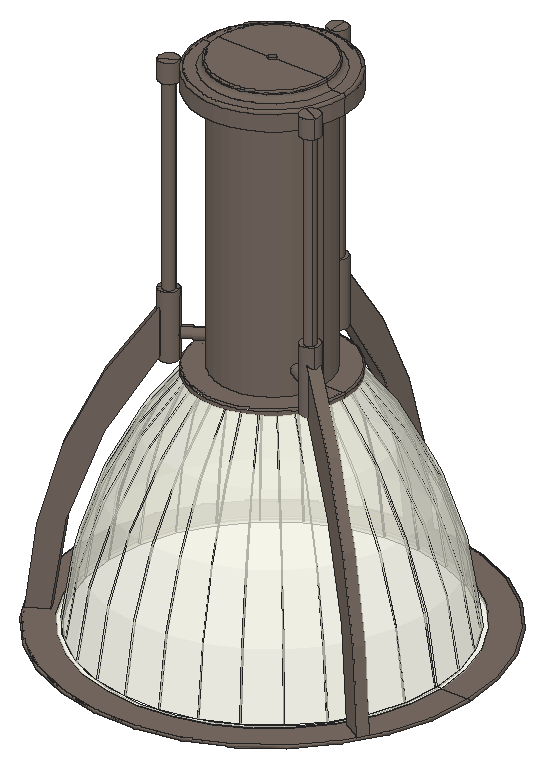
Revit family "CPA16", category Lighting Fixtures, Revit 2024
Family settings
  Round Connector Dimension = Use Diameter
  Part Type = Normal
  OmniClass Number = 23.80.70.00
  OmniClass Title = Lighting
  Work Plane-Based = No
  Always vertical = Yes
  Cut with Voids When Loaded = No
  Light Source = No
  Maintain Annotation Orientation = No
  Shared = No
  Room Calculation Point = No
Parameters
  Default Elevation = 0' - 0"
Reference planes (in)
  plane 1 "Light Source Axis (F/B)": y = 0
  plane 2: z = 0
  plane 3 "Light Source Axis (L/R)": x = 0
  plane 4 "Light Source Elevation": z = 54
Forms (in)
  Revolve 1, solid, material "51"
    sketch origin (0, 0, 0) x (1, 0, 0) y (0, 0, 1)
      loop
        line (0.21952, 78.5) -> (0.21952, 78.40625) -> (2.53125, 78.40625) -> (2.53125, 78.375)
        arc (2.53125, 78.375) -> (2.63193, 78.13193) -> (2.875, 78.03125) r 0.34375
        line (2.875, 78.03125) -> (3.375, 78.03125)
        arc (3.375, 78.03125) -> (3.3971, 78.0221) -> (3.40625, 78) r 0.03125
        line (3.40625, 78) -> (3.40625, 77.34375) -> (2.40625, 77.34375) -> (2.40625, 65.15625) -> (3.31301, 65.15625) -> (3.31301, 65.09375) -> (3.31301, 65) -> (3.5, 65) -> (3.5, 65.1875)
        arc (3.5, 65.1875) -> (3.48169, 65.23169) -> (3.4375, 65.25) r 0.0625
        line (3.4375, 65.25) -> (2.5, 65.25) -> (2.5, 77.25) -> (3.5, 77.25) -> (3.5, 78)
        arc (3.5, 78) -> (3.46339, 78.08839) -> (3.375, 78.125) r 0.125
        line (3.375, 78.125) -> (2.875, 78.125)
        arc (2.875, 78.125) -> (2.69822, 78.19822) -> (2.625, 78.375) r 0.25
        line (2.625, 78.375) -> (2.625, 78.4375)
        arc (2.625, 78.4375) -> (2.60669, 78.48169) -> (2.5625, 78.5) r 0.0625
        line (2.5625, 78.5) -> (0.21952, 78.5)
      loop
        line (8.15773, 54.125) -> (8.15773, 54) -> (9.4375, 54)
        arc (9.4375, 54) -> (9.5, 54.0625) -> (9.4375, 54.125) r 0.0625
        line (9.4375, 54.125) -> (8.15773, 54.125)
      axis (0, 78.5) -> (0, 54)
    angle from 0 to 360
  Revolve 2, solid, material "GLASS SHADE"
    sketch origin (0, 0, 0) x (1, 0, 0) y (0, 0, 1)
      loop
        line (3.21372, 65.11076) -> (3.14734, 65.04439)
        arc (3.14734, 65.04439) -> (6.43139, 59.91593) -> (7.87634, 54) r 18.5376
        line (7.87634, 54) -> (8.15773, 54) -> (8.15773, 54.125) -> (7.96064, 54.125)
        arc (7.96064, 54.125) -> (6.49324, 60.00939) -> (3.21372, 65.11076) r 18.63135
      axis (0, 65.11076) -> (0, 54)
    angle from 0 to 360
  Revolve 3, solid, material "51"
    sketch origin (0, 0, 0) x (0.866025, 0.5, 0) y (0, 0, 1)
      loop
        line (-3.9375, 78.125) -> (-4.375, 78.125) -> (-4.375, 77.25) -> (-4.1875, 77.25) -> (-4.1875, 68.25) -> (-4.375, 68.25) -> (-4.375, 65.25) -> (-3.9375, 65.25) -> (-3.9375, 78.125)
      axis (-3.9375, 78.125) -> (-3.9375, 65.25)
    angle from 0 to 360
  Extrusion 4, solid, material "51"
    sketch origin (0, 0, 0) x (0.866025, 0.5, 0) y (0, 0, 1)
      loop
        arc (-4.25, 67.52769) -> (-7.91179, 61.2467) -> (-9.375, 54.125) r 22.45671
        line (-9.375, 54.125) -> (-8.375, 54.125)
        arc (-8.375, 54.125) -> (-7.18101, 60.08698) -> (-4.25, 65.41426) r 19.99138
        line (-4.25, 65.41426) -> (-4.25, 67.52769)
    from -0.25 to 0.25
  Revolve 5, solid, material "51"
    sketch origin (0, 0, 0) x (0.866025, 0.5, 0) y (0, 0, 1)
      loop
        line (-2.5, 66.375) -> (-2.5, 66.625) -> (-3.5, 66.625) -> (-3.5, 66.375) -> (-2.5, 66.375)
      axis (-2.5, 66.375) -> (-3.5, 66.375)
    angle from 0 to 360
  Revolve 6, solid, material "51"
    sketch origin (0, 0, 0) x (0, -1, 0) y (0, 0, 1)
      loop
        line (-3.9375, 78.125) -> (-4.375, 78.125) -> (-4.375, 77.25) -> (-4.1875, 77.25) -> (-4.1875, 68.25) -> (-4.375, 68.25) -> (-4.375, 65.25) -> (-3.9375, 65.25) -> (-3.9375, 78.125)
      axis (-3.9375, 78.125) -> (-3.9375, 65.25)
    angle from 0 to 360
  Extrusion 7, solid, material "51"
    sketch origin (0, 0, 0) x (0, -1, 0) y (0, 0, 1)
      loop
        arc (-4.25, 67.52769) -> (-7.91179, 61.2467) -> (-9.375, 54.125) r 22.45671
        line (-9.375, 54.125) -> (-8.375, 54.125)
        arc (-8.375, 54.125) -> (-7.18101, 60.08698) -> (-4.25, 65.41426) r 19.99138
        line (-4.25, 65.41426) -> (-4.25, 67.52769)
    from -0.25 to 0.25
  Revolve 8, solid, material "51"
    sketch origin (0, 0, 0) x (0, -1, 0) y (0, 0, 1)
      loop
        line (-2.5, 66.375) -> (-2.5, 66.625) -> (-3.5, 66.625) -> (-3.5, 66.375) -> (-2.5, 66.375)
      axis (-2.5, 66.375) -> (-3.5, 66.375)
    angle from 0 to 360
  Revolve 9, solid, material "51"
    sketch origin (0, 0, 0) x (-0.866025, 0.5, 0) y (0, 0, 1)
      loop
        line (-3.9375, 78.125) -> (-4.375, 78.125) -> (-4.375, 77.25) -> (-4.1875, 77.25) -> (-4.1875, 68.25) -> (-4.375, 68.25) -> (-4.375, 65.25) -> (-3.9375, 65.25) -> (-3.9375, 78.125)
      axis (-3.9375, 78.125) -> (-3.9375, 65.25)
    angle from 0 to 360
  Extrusion 10, solid, material "51"
    sketch origin (0, 0, 0) x (-0.866025, 0.5, 0) y (0, 0, 1)
      loop
        arc (-4.25, 67.52769) -> (-7.91179, 61.2467) -> (-9.375, 54.125) r 22.45671
        line (-9.375, 54.125) -> (-8.375, 54.125)
        arc (-8.375, 54.125) -> (-7.18101, 60.08698) -> (-4.25, 65.41426) r 19.99138
        line (-4.25, 65.41426) -> (-4.25, 67.52769)
    from -0.25 to 0.25
  Revolve 11, solid, material "51"
    sketch origin (0, 0, 0) x (-0.866025, 0.5, 0) y (0, 0, 1)
      loop
        line (-2.5, 66.375) -> (-2.5, 66.625) -> (-3.5, 66.625) -> (-3.5, 66.375) -> (-2.5, 66.375)
      axis (-2.5, 66.375) -> (-3.5, 66.375)
    angle from 0 to 360
  Sweep 12, solid, material "GLASS SHADE"
    path origin (0.01562, 0, 0) x (1, 0, 0) y (0, 0, 1)
      loop
        arc (-3.14734, 65.04439) -> (-6.40077, 59.97115) -> (-7.86536, 54.125) r 18.63972
    profile origin (-6.38514, 0, 59.97115) x (0.917976, 0, -0.396637) y (0, -1, 0)
      loop
        circle (0, 0) r 0.03125
  Sweep 13, solid, material "GLASS SHADE"
    path origin (0.01528, -0.00325, 0) x (0.978148, -0.207912, 0) y (0, 0, 1)
      loop
        arc (-3.14734, 65.04439) -> (-6.40077, 59.97115) -> (-7.86536, 54.125) r 18.63972
    profile origin (-6.24561, 1.32755, 59.97115) x (0.897916, -0.190858, -0.396637) y (-0.207912, -0.978148, 0)
      loop
        circle (0, 0) r 0.03125
  Sweep 14, solid, material "GLASS SHADE"
    path origin (0.01528, 0.00325, 0) x (0.978148, 0.207912, 0) y (0, 0, 1)
      loop
        arc (-3.14734, 65.04439) -> (-6.40077, 59.97115) -> (-7.86536, 54.125) r 18.63972
    profile origin (-6.24561, -1.32755, 59.97115) x (0.897916, 0.190858, -0.396637) y (0.207912, -0.978148, 0)
      loop
        circle (0, 0) r 0.03125
  Sweep 15, solid, material "GLASS SHADE"
    path origin (0.01427, 0.00636, 0) x (0.913545, 0.406737, 0) y (0, 0, 1)
      loop
        arc (-3.14734, 65.04439) -> (-6.40077, 59.97115) -> (-7.86536, 54.125) r 18.63972
    profile origin (-5.83312, -2.59707, 59.97115) x (0.838612, 0.373374, -0.396637) y (0.406737, -0.913545, 0)
      loop
        circle (0, 0) r 0.03125
  Sweep 16, solid, material "GLASS SHADE"
    path origin (0.01264, 0.00918, 0) x (0.809017, 0.587785, 0) y (0, 0, 1)
      loop
        arc (-3.14734, 65.04439) -> (-6.40077, 59.97115) -> (-7.86536, 54.125) r 18.63972
    profile origin (-5.16569, -3.75309, 59.97115) x (0.742658, 0.539573, -0.396637) y (0.587785, -0.809017, 0)
      loop
        circle (0, 0) r 0.03125
  Sweep 17, solid, material "GLASS SHADE"
    path origin (0.01046, 0.01161, 0) x (0.669131, 0.743145, 0) y (0, 0, 1)
      loop
        arc (-3.14734, 65.04439) -> (-6.40077, 59.97115) -> (-7.86536, 54.125) r 18.63972
    profile origin (-4.27249, -4.74508, 59.97115) x (0.614246, 0.682189, -0.396637) y (0.743145, -0.669131, 0)
      loop
        circle (0, 0) r 0.03125
  Sweep 18, solid, material "GLASS SHADE"
    path origin (0.00781, 0.01353, 0) x (0.5, 0.866025, 0) y (0, 0, 1)
      loop
        arc (-3.14734, 65.04439) -> (-6.40077, 59.97115) -> (-7.86536, 54.125) r 18.63972
    profile origin (-3.19257, -5.52969, 59.97115) x (0.458988, 0.79499, -0.396637) y (0.866025, -0.5, 0)
      loop
        circle (0, 0) r 0.03125
  Sweep 19, solid, material "GLASS SHADE"
    path origin (0.00483, 0.01486, 0) x (0.309017, 0.951057, 0) y (0, 0, 1)
      loop
        arc (-3.14734, 65.04439) -> (-6.40077, 59.97115) -> (-7.86536, 54.125) r 18.63972
    profile origin (-1.97312, -6.07263, 59.97115) x (0.28367, 0.873047, -0.396637) y (0.951057, -0.309017, 0)
      loop
        circle (0, 0) r 0.03125
  Sweep 20, solid, material "GLASS SHADE"
    path origin (0.00163, 0.01554, 0) x (0.104528, 0.994522, 0) y (0, 0, 1)
      loop
        arc (-3.14734, 65.04439) -> (-6.40077, 59.97115) -> (-7.86536, 54.125) r 18.63972
    profile origin (-0.66743, -6.35016, 59.97115) x (0.095955, 0.912947, -0.396637) y (0.994522, -0.104528, 0)
      loop
        circle (0, 0) r 0.03125
  Sweep 21, solid, material "GLASS SHADE"
    path origin (-0.00163, 0.01554, 0) x (-0.104528, 0.994522, 0) y (0, 0, 1)
      loop
        arc (-3.14734, 65.04439) -> (-6.40077, 59.97115) -> (-7.86536, 54.125) r 18.63972
    profile origin (0.66743, -6.35016, 59.97115) x (-0.095955, 0.912947, -0.396637) y (0.994522, 0.104528, 0)
      loop
        circle (0, 0) r 0.03125
  Sweep 22, solid, material "GLASS SHADE"
    path origin (-0.00483, 0.01486, 0) x (-0.309017, 0.951057, 0) y (0, 0, 1)
      loop
        arc (-3.14734, 65.04439) -> (-6.40077, 59.97115) -> (-7.86536, 54.125) r 18.63972
    profile origin (1.97312, -6.07263, 59.97115) x (-0.28367, 0.873047, -0.396637) y (0.951057, 0.309017, 0)
      loop
        circle (0, 0) r 0.03125
  Sweep 23, solid, material "GLASS SHADE"
    path origin (-0.00781, 0.01353, 0) x (-0.5, 0.866025, 0) y (0, 0, 1)
      loop
        arc (-3.14734, 65.04439) -> (-6.40077, 59.97115) -> (-7.86536, 54.125) r 18.63972
    profile origin (3.19257, -5.52969, 59.97115) x (-0.458988, 0.79499, -0.396637) y (0.866025, 0.5, 0)
      loop
        circle (0, 0) r 0.03125
  Sweep 24, solid, material "GLASS SHADE"
    path origin (-0.01046, 0.01161, 0) x (-0.669131, 0.743145, 0) y (0, 0, 1)
      loop
        arc (-3.14734, 65.04439) -> (-6.40077, 59.97115) -> (-7.86536, 54.125) r 18.63972
    profile origin (4.27249, -4.74508, 59.97115) x (-0.614246, 0.682189, -0.396637) y (0.743145, 0.669131, 0)
      loop
        circle (0, 0) r 0.03125
  Sweep 25, solid, material "GLASS SHADE"
    path origin (-0.01264, 0.00918, 0) x (-0.809017, 0.587785, 0) y (0, 0, 1)
      loop
        arc (-3.14734, 65.04439) -> (-6.40077, 59.97115) -> (-7.86536, 54.125) r 18.63972
    profile origin (5.16569, -3.75309, 59.97115) x (-0.742658, 0.539573, -0.396637) y (0.587785, 0.809017, 0)
      loop
        circle (0, 0) r 0.03125
  Sweep 26, solid, material "GLASS SHADE"
    path origin (-0.01427, 0.00636, 0) x (-0.913545, 0.406737, 0) y (0, 0, 1)
      loop
        arc (-3.14734, 65.04439) -> (-6.40077, 59.97115) -> (-7.86536, 54.125) r 18.63972
    profile origin (5.83312, -2.59707, 59.97115) x (-0.838612, 0.373374, -0.396637) y (0.406737, 0.913545, 0)
      loop
        circle (0, 0) r 0.03125
  Sweep 27, solid, material "GLASS SHADE"
    path origin (-0.01528, 0.00325, 0) x (-0.978148, 0.207912, 0) y (0, 0, 1)
      loop
        arc (-3.14734, 65.04439) -> (-6.40077, 59.97115) -> (-7.86536, 54.125) r 18.63972
    profile origin (6.24561, -1.32755, 59.97115) x (-0.897916, 0.190858, -0.396637) y (0.207912, 0.978148, 0)
      loop
        circle (0, 0) r 0.03125
  Sweep 28, solid, material "GLASS SHADE"
    path origin (-0.01562, 0, 0) x (-1, 0, 0) y (0, 0, 1)
      loop
        arc (-3.14734, 65.04439) -> (-6.40077, 59.97115) -> (-7.86536, 54.125) r 18.63972
    profile origin (6.38514, 0, 59.97115) x (-0.917976, 0, -0.396637) y (0, 1, 0)
      loop
        circle (0, 0) r 0.03125
  Sweep 29, solid, material "GLASS SHADE"
    path origin (-0.01528, -0.00325, 0) x (-0.978148, -0.207912, 0) y (0, 0, 1)
      loop
        arc (-3.14734, 65.04439) -> (-6.40077, 59.97115) -> (-7.86536, 54.125) r 18.63972
    profile origin (6.24561, 1.32755, 59.97115) x (-0.897916, -0.190858, -0.396637) y (-0.207912, 0.978148, 0)
      loop
        circle (0, 0) r 0.03125
  Sweep 30, solid, material "GLASS SHADE"
    path origin (-0.01427, -0.00636, 0) x (-0.913545, -0.406737, 0) y (0, 0, 1)
      loop
        arc (-3.14734, 65.04439) -> (-6.40077, 59.97115) -> (-7.86536, 54.125) r 18.63972
    profile origin (5.83312, 2.59707, 59.97115) x (-0.838612, -0.373374, -0.396637) y (-0.406737, 0.913545, 0)
      loop
        circle (0, 0) r 0.03125
  Sweep 31, solid, material "GLASS SHADE"
    path origin (-0.01264, -0.00918, 0) x (-0.809017, -0.587785, 0) y (0, 0, 1)
      loop
        arc (-3.14734, 65.04439) -> (-6.40077, 59.97115) -> (-7.86536, 54.125) r 18.63972
    profile origin (5.16569, 3.75309, 59.97115) x (-0.742658, -0.539573, -0.396637) y (-0.587785, 0.809017, 0)
      loop
        circle (0, 0) r 0.03125
  Sweep 32, solid, material "GLASS SHADE"
    path origin (-0.01046, -0.01161, 0) x (-0.669131, -0.743145, 0) y (0, 0, 1)
      loop
        arc (-3.14734, 65.04439) -> (-6.40077, 59.97115) -> (-7.86536, 54.125) r 18.63972
    profile origin (4.27249, 4.74508, 59.97115) x (-0.614246, -0.682189, -0.396637) y (-0.743145, 0.669131, 0)
      loop
        circle (0, 0) r 0.03125
  Sweep 33, solid, material "GLASS SHADE"
    path origin (-0.00781, -0.01353, 0) x (-0.5, -0.866025, 0) y (0, 0, 1)
      loop
        arc (-3.14734, 65.04439) -> (-6.40077, 59.97115) -> (-7.86536, 54.125) r 18.63972
    profile origin (3.19257, 5.52969, 59.97115) x (-0.458988, -0.79499, -0.396637) y (-0.866025, 0.5, 0)
      loop
        circle (0, 0) r 0.03125
  Sweep 34, solid, material "GLASS SHADE"
    path origin (-0.00483, -0.01486, 0) x (-0.309017, -0.951057, 0) y (0, 0, 1)
      loop
        arc (-3.14734, 65.04439) -> (-6.40077, 59.97115) -> (-7.86536, 54.125) r 18.63972
    profile origin (1.97312, 6.07263, 59.97115) x (-0.28367, -0.873047, -0.396637) y (-0.951057, 0.309017, 0)
      loop
        circle (0, 0) r 0.03125
  Sweep 35, solid, material "GLASS SHADE"
    path origin (-0.00163, -0.01554, 0) x (-0.104528, -0.994522, 0) y (0, 0, 1)
      loop
        arc (-3.14734, 65.04439) -> (-6.40077, 59.97115) -> (-7.86536, 54.125) r 18.63972
    profile origin (0.66743, 6.35016, 59.97115) x (-0.095955, -0.912947, -0.396637) y (-0.994522, 0.104528, 0)
      loop
        circle (0, 0) r 0.03125
  Sweep 36, solid, material "GLASS SHADE"
    path origin (0.00163, -0.01554, 0) x (0.104528, -0.994522, 0) y (0, 0, 1)
      loop
        arc (-3.14734, 65.04439) -> (-6.40077, 59.97115) -> (-7.86536, 54.125) r 18.63972
    profile origin (-0.66743, 6.35016, 59.97115) x (0.095955, -0.912947, -0.396637) y (-0.994522, -0.104528, 0)
      loop
        circle (0, 0) r 0.03125
  Sweep 37, solid, material "GLASS SHADE"
    path origin (0.00483, -0.01486, 0) x (0.309017, -0.951057, 0) y (0, 0, 1)
      loop
        arc (-3.14734, 65.04439) -> (-6.40077, 59.97115) -> (-7.86536, 54.125) r 18.63972
    profile origin (-1.97312, 6.07263, 59.97115) x (0.28367, -0.873047, -0.396637) y (-0.951057, -0.309017, 0)
      loop
        circle (0, 0) r 0.03125
  Sweep 38, solid, material "GLASS SHADE"
    path origin (0.00781, -0.01353, 0) x (0.5, -0.866025, 0) y (0, 0, 1)
      loop
        arc (-3.14734, 65.04439) -> (-6.40077, 59.97115) -> (-7.86536, 54.125) r 18.63972
    profile origin (-3.19257, 5.52969, 59.97115) x (0.458988, -0.79499, -0.396637) y (-0.866025, -0.5, 0)
      loop
        circle (0, 0) r 0.03125
  Sweep 39, solid, material "GLASS SHADE"
    path origin (0.01046, -0.01161, 0) x (0.669131, -0.743145, 0) y (0, 0, 1)
      loop
        arc (-3.14734, 65.04439) -> (-6.40077, 59.97115) -> (-7.86536, 54.125) r 18.63972
    profile origin (-4.27249, 4.74508, 59.97115) x (0.614246, -0.682189, -0.396637) y (-0.743145, -0.669131, 0)
      loop
        circle (0, 0) r 0.03125
  Sweep 40, solid, material "GLASS SHADE"
    path origin (0.01264, -0.00918, 0) x (0.809017, -0.587785, 0) y (0, 0, 1)
      loop
        arc (-3.14734, 65.04439) -> (-6.40077, 59.97115) -> (-7.86536, 54.125) r 18.63972
    profile origin (-5.16569, 3.75309, 59.97115) x (0.742658, -0.539573, -0.396637) y (-0.587785, -0.809017, 0)
      loop
        circle (0, 0) r 0.03125
  Sweep 41, solid, material "GLASS SHADE"
    path origin (0.01427, -0.00636, 0) x (0.913545, -0.406737, 0) y (0, 0, 1)
      loop
        arc (-3.14734, 65.04439) -> (-6.40077, 59.97115) -> (-7.86536, 54.125) r 18.63972
    profile origin (-5.83312, 2.59707, 59.97115) x (0.838612, -0.373374, -0.396637) y (-0.406737, -0.913545, 0)
      loop
        circle (0, 0) r 0.03125
Dimensions and locks (in)
  aligned and locked: level to plane 2
